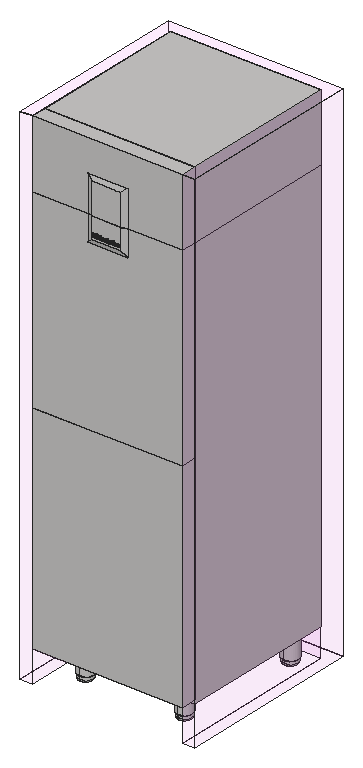
Revit family "QF_ELECTROLUXPROFESSIONAL_691354_PS04F2FHC", category Specialty Equipment, Revit 2018
Family settings
  Round Connector Dimension = Use Diameter
  Part Type = Normal
  Work Plane-Based = No
  Always vertical = Yes
  Cut with Voids When Loaded = No
  Shared = No
  Room Calculation Point = No
Parameters (values of type "Standard")
  Weight = 21.8091 lbm
  Watts = 0 W
  Volts = 220 V
  URL Manufacturer = "http://professional.electrolux.com"
  URL = "http://professional.electrolux.com"
  Steam Supply Size = 0"
  Steam Supply Minimum Pressure = 0.00 psi
  Steam Supply Maximum Pressure = 0.00 psi
  Steam Pounds per Hour = 0
  Show Clearance [instance] = yes
  Refrigeration Suction Line Size = 0"
  Refrigeration Liquid Line Size = 0"
  Refrigerant Compressor Remote = yes
  Phase = 1
  Model = "PS04F2FHC"
  Manufacturer = "Electrolux Professional"
  Length Actual = 600 mm  # constant formula
  Item Number = "691354"
  Hot Water Size = 0"
  Height Actual = 2040 mm  # constant formula
  HP = "0.5 HP"
  Gas Size = 0"
  Gas KW = 0
  Gas Input Pressure = 0.0 Btu/h
  Direct Waste Size = 0"
  Description = "2-DOOR FREEZER 470LT,-15/-22°, PROSTORE-R290"
  Depth Actual = 700 mm  # constant formula
  Cycle = 50 Hz
  Condensate Return Size = 0"
  Compressed Air Volume = 0 GPM
  Compressed Air Size = 0"
  Compressed Air Pressure = 0.00 psi
  Cold Water Size = 0"
  Accessory = yes
Types (2, lengths in mm): name | URL | Phase | Model | Manufacturer | Description
  (no name) | "http://professional.electrolux.com/" | 0 | "RBC201" | "Electrolux" | "BLAST CHILLER 56 KG 20 GN1/1"
  Standard | "http://professional.electrolux.com" | 1 | "PS04F2FHC" | "Electrolux Professional" | "2-DOOR FREEZER 470LT,-15/-22°, PROSTORE-R290"
Values of the unnamed type that differ from the named types
  Volts = 380 V
  URL Manufacturer = "http://professional.electrolux.com/"
  Item Number = "726624"
Reference planes
  plane 1 "BACK": y = 0
  plane 2: z = 0
  plane 3 "LEFT": x = 0
  plane 4 "RIGHT": x = 600
  plane 5 "FRONT": y = -700
  plane 6 "TOP": z = 2040
  plane 7 "Center Y": x = 300
  plane 8 "Center X": y = -350
  plane 9: x = 102
  plane 10: x = 498
  plane 11: z = 115
  plane 12: z = 86
  plane 13: y = -76
  plane 14: y = -694
  plane 15: y = -1227
  plane 16: y = -630
  plane 17: z = 1770
  plane 18: x = -50
  plane 19: y = 50
  plane 20: x = 650
Forms (mm)
  Extrusion 1, solid, material "QF_Metal - Stainless - Polished"
    sketch origin (0, 0, 0) x (1, 0, 0) y (0, 0, 1)
      loop
        line (0, 2040) -> (0, 1770) -> (600, 1770) -> (600, 2040) -> (0, 2040)
    from 0 to 630
  Extrusion 2, solid, material "QF_Metal - Stainless - Polished"
    sketch origin (0, 0, 0) x (1, 0, 0) y (0, 0, 1)
      loop
        line (0, 1770) -> (0, 115) -> (600, 115) -> (600, 1770) -> (0, 1770)
    from 0 to 630
  Extrusion 3, solid, material "QF_Metal - Stainless - Polished"
    sketch origin (-370, 0, -128) x (1, 0, 0) y (0, 0, 1)
      loop
        circle (450, 1847.083) r 20
    from -7.507 to 0
  Extrusion 4, solid, material "QF_Door-Drawer Clearances", visible <- "Show Clearance", detail levels coarse
    sketch origin (0, 0, 0) x (1, 0, 0) y (0, 1, 0)
      loop
        line (600, -694) -> (0, -694)
        arc (0, -694) -> (187.42, -1087.232) -> (600, -1227) r 559.707
        line (600, -1227) -> (600, -694)
    from 127.536 to 995.399
  Extrusion 5, solid, material "QF_Metal - Stainless - Polished"
    sketch origin (0, 130.478, 0) x (1, 0, 0) y (0, 0, 1)
      loop
        line (0, 2040) -> (0, 1770) -> (600, 1770) -> (600, 2040) -> (0, 2040)
    from 760.478 to 824.478
  Extrusion 6, solid, material "QF_Metal - Stainless - Polished"
    sketch origin (0, 140, 0) x (1, 0, 0) y (0, 0, 1)
      loop
        line (0, 1770) -> (0, 995.399) -> (600, 995.399) -> (600, 1770) -> (0, 1770)
    from 834 to 770
  Revolve 7, solid, material "QF_Metal - Stainless - Polished"
    sketch origin (497.59, -1.833, 0) x (0, 1, 0) y (0, 0, -1)
      loop
        line (-590.954, -115) -> (-553.167, -115) -> (-553.167, 0) -> (-578.757, 0)
        arc (-578.757, 0) -> (-580.973, -2.655) -> (-581.767, -6.021) r 7.527
        line (-581.767, -6.021) -> (-581.767, -17.561) -> (-585.28, -21.074) -> (-585.28, -110.008) -> (-590.954, -110.008) -> (-590.954, -115)
      axis (-553.167, 0) -> (-553.167, -115)
    angle from 0 to 360
  Revolve 8, solid, material "QF_Metal - Stainless - Polished"
    sketch origin (102, -1.833, 0) x (0, 1, 0) y (0, 0, 1)
      loop
        line (-590.954, 115) -> (-590.954, 110.008) -> (-585.28, 110.008) -> (-585.28, 21.074) -> (-581.767, 17.561) -> (-581.767, 6.021)
        arc (-581.767, 6.021) -> (-580.973, 2.655) -> (-578.757, 0) r 7.527
        line (-578.757, 0) -> (-553.167, 0) -> (-553.167, 115) -> (-590.954, 115)
      axis (-553.167, 0) -> (-553.167, 115)
    angle from 0 to 360
  Revolve 9, solid, material "QF_Metal - Stainless - Polished"
    sketch origin (538, -759.167, 0) x (0, -1, 0) y (0, 0, 1)
      loop
        line (-720.954, 115) -> (-720.954, 110.008) -> (-715.28, 110.008) -> (-715.28, 21.074) -> (-711.767, 17.561) -> (-711.767, 6.021)
        arc (-711.767, 6.021) -> (-710.973, 2.655) -> (-708.757, 0) r 7.527
        line (-708.757, 0) -> (-683.167, 0) -> (-683.167, 115) -> (-720.954, 115)
      axis (-683.167, 0) -> (-683.167, 115)
    angle from 0 to 360
  Revolve 10, solid, material "QF_Metal - Stainless - Polished"
    sketch origin (62, -759.167, 0) x (0, -1, 0) y (0, 0, 1)
      loop
        line (-720.954, 115) -> (-720.954, 110.008) -> (-715.28, 110.008) -> (-715.28, 21.074) -> (-711.767, 17.561) -> (-711.767, 6.021)
        arc (-711.767, 6.021) -> (-710.973, 2.655) -> (-708.757, 0) r 7.527
        line (-708.757, 0) -> (-683.167, 0) -> (-683.167, 115) -> (-720.954, 115)
      axis (-683.167, 0) -> (-683.167, 115)
    angle from 0 to 360
  Blend 11, solid, material "QF_Metal - Stainless - Polished"
    base sketch origin (-150, -694, 0) x (1, 0, 0) y (0, 0, 1)
      loop
        line (370, 1914.822) -> (370, 1664.822) -> (530, 1664.822) -> (530, 1914.822) -> (370, 1914.822)
    top sketch origin (-150, -694, 0) x (1, 0, 0) y (0, 0, 1)
      loop
        line (510, 1894.822) -> (390, 1894.822) -> (390, 1684.822) -> (510, 1684.822) -> (510, 1894.822)
    from 0 to 6
  Extrusion 12, void
    sketch origin (-150, -700, 0) x (-1, 0, 0) y (0, 0, 1)
      loop
        line (-370, 1770.997) -> (-530, 1770.997) -> (-530, 1769.003) -> (-370, 1769.003) -> (-370, 1770.997)
    from 0 to 6
  Extrusion 13, solid, material "QF_Door-Drawer Clearances"
    sketch origin (0, 0, 0) x (1, 0, 0) y (0, 1, 0)
      loop
        line (0, -694) -> (0, 0) -> (600, 0) -> (600, -694) -> (650, -694) -> (650, 50) -> (-50, 50) -> (-50, -694) -> (0, -694)
    from 0 to 2040
  Extrusion 14, solid, material "QF_Door-Drawer Clearances", visible <- "Show Clearance", detail levels coarse
    sketch origin (0, 0, 0) x (1, 0, 0) y (0, 1, 0)
      loop
        line (600, -694) -> (0, -694)
        arc (0, -694) -> (187.42, -1087.232) -> (600, -1227) r 559.707
        line (600, -1227) -> (600, -694)
    from 995.399 to 1770
  Extrusion 15, solid, material "QF_Metal - Stainless - Polished"
    sketch origin (0, 140, 0) x (1, 0, 0) y (0, 0, 1)
      loop
        line (0, 995.399) -> (0, 127.536) -> (600, 127.536) -> (600, 995.399) -> (0, 995.399)
    from 834 to 770
Cuts and joins
  Extrusion 12 cuts Extrusion 1
  Extrusion 12 cuts Extrusion 2
  Extrusion 12 cuts Extrusion 5
  Extrusion 12 cuts Extrusion 6
  Extrusion 12 cuts Blend 11
Lines and regions (mm)
  Split face 1
    outline origin (-150, -700, 0) x (1, 0, 0) y (0, 0, 1)
      loop
        line (415, 1894.822) -> (415, 1742.499) -> (485, 1742.499) -> (485, 1894.822)
  symbolic lines
    curve 1: line (0, 0, 0) -> (600, 0, 0)
    curve 2: line (0, -694, 0) -> (0, 0, 0)
    curve 3: line (600, -694, 0) -> (0, -694, 0)
    curve 4: line (600, 0, 0) -> (600, -694, 0)
    curve 5: line (0, -630, 0) -> (600, -630, 0)
    curve 6: line (220, -694, 0) -> (240, -700, 0)
    curve 7: line (240, -700, 0) -> (360, -700, 0)
    curve 8: line (360, -700, 0) -> (380, -694, 0)
  symbolic lines, style "QF_Door-Drawer Clearances"
    curve 9: arc (0, -694, 0) -> (187.42, -1087.232, 0) -> (600, -1227, 0) r 559.707
    curve 10: line (600, -1227, 0) -> (600, -694, 0)
    curve 11: line (0, -694, 0) -> (-50, -694, 0)
    curve 12: line (-50, -694, 0) -> (-50, 50, 0)
    curve 13: line (-50, 50, 0) -> (650, 50, 0)
    curve 14: line (650, 50, 0) -> (650, -694, 0)
    curve 15: line (650, -694, 0) -> (600, -694, 0)
Dimensions and locks
  equal spacing: plane 3 "LEFT", plane 7 "Center Y", plane 4 "RIGHT"
  plane 3 "LEFT" to plane 4 "RIGHT" = 600 mm
  equal spacing: plane 5 "FRONT", plane 8 "Center X", plane 1 "BACK"
  plane 5 "FRONT" to plane 1 "BACK" = 700 mm
  plane 6 "TOP" to level = 2040 mm
  plane 9 to plane 3 "LEFT" = 102 mm
  plane 10 to plane 4 "RIGHT" = 102 mm
  plane 11 to level = 115 mm
  plane 12 to plane 11 = 29 mm
  plane 1 "BACK" to plane 13 = 76 mm
  plane 15 to plane 1 "BACK" = 1227 mm
  plane 3 "LEFT" to Extrusion 4 = 600 mm
  plane 11 to plane 2 = 115 mm
  plane 1 "BACK" to plane 16 = 630 mm
  plane 18 to plane 3 "LEFT" = 50 mm
  plane 4 "RIGHT" to plane 20 = 50 mm
  plane 1 "BACK" to plane 19 = 50 mm
  aligned and locked: level to plane 2
  aligned and locked: Extrusion 5 to plane 4 "RIGHT"
  aligned and locked: Extrusion 5 to plane 3 "LEFT"
  aligned and locked: plane 5 "FRONT" to Blend 11
  aligned and locked: Extrusion 15 to Extrusion 4
  aligned and locked: Extrusion 14 to Extrusion 6
Automatic sketch dimensions
  Extrusion 1 sketch curve to plane 3 "LEFT" = 0 mm
  plane 4 "RIGHT" to Extrusion 1 sketch curve = 0 mm
  Extrusion 1 sketch curve to plane 17 = 0 mm
  Extrusion 1 sketch curve to plane 6 "TOP" = 0 mm
  Extrusion 2 sketch curve to plane 3 "LEFT" = 0 mm
  plane 4 "RIGHT" to Extrusion 2 sketch curve = 0 mm
  Extrusion 2 sketch curve to plane 11 = 0 mm
  Extrusion 2 sketch curve to plane 17 = 0 mm
  Extrusion 3 sketch curve to plane 9 = 22 mm
  Extrusion 3 sketch curve to plane 17 = 50.917 mm
  Extrusion 4 sketch curve to plane 3 "LEFT" = 0 mm
  Extrusion 4 sketch curve to plane 4 "RIGHT" = 0 mm
  Extrusion 4 sketch curve to plane 15 = 0 mm
  plane 14 to Extrusion 4 sketch curve = 0 mm
  Extrusion 4 sketch curve to plane 14 = 25.214 mm
  Extrusion 5 sketch curve to plane 3 "LEFT" = 0 mm
  plane 4 "RIGHT" to Extrusion 5 sketch curve = 0 mm
  Extrusion 5 sketch curve to plane 17 = 0 mm
  Extrusion 5 sketch curve to plane 6 "TOP" = 0 mm
  Extrusion 6 sketch curve to plane 3 "LEFT" = 0 mm
  plane 4 "RIGHT" to Extrusion 6 sketch curve = 0 mm
  Extrusion 6 sketch curve to plane 17 = 0 mm
  plane 11 to Extrusion 6 sketch curve = 880.399 mm
  plane 11 to Revolve 7 sketch curve = 0 mm
  Revolve 7 sketch curve to level = 0 mm
  plane 16 to Revolve 7 sketch curve = 37.213 mm
  Revolve 7 sketch curve to Revolve 7 sketch curve = 5.674 mm
  Revolve 7 sketch curve to Revolve 7 sketch curve = 3.513 mm  (x2)
  Revolve 7 sketch curve to Revolve 7 sketch curve = 3.01 mm
  level to Revolve 7 sketch curve = 6.021 mm
  Revolve 7 sketch curve to Revolve 7 sketch curve = 21.073 mm
  Revolve 7 sketch curve to plane 11 = 4.992 mm  (x2)
  Revolve 7 sketch curve to Revolve 7 sketch curve = 15.053 mm
  Revolve 7 sketch curve to Revolve 7 sketch curve = 0 mm
  Revolve 7 sketch curve to Revolve 7 sketch curve = 20.008 mm
  Revolve 8 sketch curve to plane 11 = 0 mm
  Revolve 8 sketch curve to level = 0 mm
  plane 16 to Revolve 8 sketch curve = 37.213 mm
  Revolve 8 sketch curve to Revolve 8 sketch curve = 5.674 mm
  Revolve 8 sketch curve to Revolve 8 sketch curve = 3.513 mm  (x2)
  Revolve 8 sketch curve to Revolve 8 sketch curve = 3.01 mm
  level to Revolve 8 sketch curve = 6.021 mm
  Revolve 8 sketch curve to Revolve 8 sketch curve = 21.073 mm
  Revolve 8 sketch curve to Revolve 8 sketch curve = 11.54 mm
  Revolve 8 sketch curve to plane 11 = 4.992 mm
  Revolve 8 sketch curve to Revolve 8 sketch curve = 0 mm
  Revolve 8 sketch curve to Revolve 8 sketch curve = 4.992 mm
  plane 11 to Revolve 8 sketch curve = 20.008 mm
  Revolve 9 sketch curve to plane 11 = 0 mm
  Revolve 9 sketch curve to level = 0 mm
  Revolve 9 sketch curve to plane 13 = 0 mm  (x2)
  level to Revolve 9 sketch curve = 6.021 mm
  Revolve 9 sketch curve to plane 13 = 21.073 mm
  Revolve 9 sketch curve to Revolve 9 sketch curve = 4.517 mm
  Revolve 9 sketch curve to Revolve 9 sketch curve = 3.513 mm  (x2)
  Revolve 9 sketch curve to Revolve 9 sketch curve = 5.674 mm
  Revolve 9 sketch curve to Revolve 9 sketch curve = 11.54 mm
  Revolve 9 sketch curve to plane 11 = 4.992 mm
  Revolve 9 sketch curve to Revolve 9 sketch curve = 4.992 mm
  plane 11 to Revolve 9 sketch curve = 20.008 mm
  Revolve 10 sketch curve to plane 11 = 0 mm
  Revolve 10 sketch curve to level = 0 mm
  Revolve 10 sketch curve to plane 13 = 0 mm  (x2)
  Revolve 10 sketch curve to level = 6.021 mm
  plane 13 to Revolve 10 sketch curve = 21.073 mm
  Revolve 10 sketch curve to Revolve 10 sketch curve = 4.517 mm
  Revolve 10 sketch curve to Revolve 10 sketch curve = 3.513 mm  (x2)
  Revolve 10 sketch curve to Revolve 10 sketch curve = 5.674 mm
  Revolve 10 sketch curve to Revolve 10 sketch curve = 11.54 mm
  plane 11 to Revolve 10 sketch curve = 4.992 mm  (x2)
  Revolve 10 sketch curve to Revolve 10 sketch curve = 20.008 mm
  Blend 11 sketch curve to Extrusion 6 = 105.178 mm
  Blend 11 sketch curve to Extrusion 6 = 220 mm
  Blend 11 sketch curve to Blend 11 sketch curve = 160 mm
  Extrusion 6 to Blend 11 sketch curve = 144.822 mm
  Extrusion 6 to Blend 11 sketch curve = 124.822 mm
  Blend 11 sketch curve to Extrusion 6 = 240 mm
  Blend 11 sketch curve to Blend 11 sketch curve = 120 mm
  Blend 11 sketch curve to Extrusion 6 = 85.178 mm
  Split face 1 sketch curve to Blend 11 = 0 mm  (x2)
  Split face 1 sketch curve to Blend 11 = 25 mm  (x2)
  Split face 1 sketch curve to Blend 11 = 57.677 mm
  Extrusion 12 sketch curve to Blend 11 = 20 mm  (x2)
  Blend 11 to Extrusion 12 sketch curve = 84.181 mm
  Extrusion 12 sketch curve to Extrusion 12 sketch curve = 1.995 mm
  Extrusion 13 sketch curve to plane 18 = 0 mm
  plane 1 "BACK" to Extrusion 13 sketch curve = 0 mm
  Extrusion 13 sketch curve to plane 3 "LEFT" = 0 mm
  Extrusion 13 sketch curve to plane 4 "RIGHT" = 0 mm
  Extrusion 13 sketch curve to plane 19 = 0 mm
  Extrusion 13 sketch curve to plane 20 = 0 mm
  plane 14 to Extrusion 13 sketch curve = 0 mm  (x2)
  curve 13 to plane 18 = 0 mm
  curve 3 to plane 3 "LEFT" = 0 mm
  plane 5 "FRONT" to curve 7 = 0 mm
  curve 9 to plane 4 "RIGHT" = 0 mm
  curve 15 to plane 4 "RIGHT" = 0 mm
  plane 14 to curve 14 = 0 mm
  curve 14 to plane 20 = 0 mm
  curve 10 to plane 15 = 0 mm
  curve 5 to plane 16 = 0 mm
  plane 1 "BACK" to curve 4 = 0 mm
  curve 13 to plane 19 = 0 mm
  curve 7 to plane 7 "Center Y" = 60 mm
  plane 7 "Center Y" to curve 8 = 60 mm
  curve 9 to plane 14 = 25.214 mm
  curve 6 to curve 6 = 20 mm
  curve 7 to curve 8 = 20 mm
  Extrusion 14 sketch curve to plane 3 "LEFT" = 0 mm
  Extrusion 14 sketch curve to plane 4 "RIGHT" = 0 mm
  Extrusion 14 sketch curve to plane 15 = 0 mm
  plane 14 to Extrusion 14 sketch curve = 0 mm
  Extrusion 14 sketch curve to plane 14 = 25.214 mm
  Extrusion 15 sketch curve to plane 3 "LEFT" = 0 mm
  plane 4 "RIGHT" to Extrusion 15 sketch curve = 0 mm
  Extrusion 15 sketch curve to plane 17 = 774.601 mm
  plane 11 to Extrusion 15 sketch curve = 12.536 mm
  radius of Extrusion 3 sketch curve = 20 mm
Nested families
  nested 1: "ELX_Logo_S" at (300.625, -700, 1704.375) x (1, 0, 0) z (0, -1, 0), type "ELX_Logo_S"
Connectors
  electrical at (80, 7.507, 1719.083), driven by "Volts"
    settings: on Extrusion 3, index 2, voltage 220 V, apparent load 0 VA, apparent load phase1 0 VA, apparent load phase2 0 VA, apparent load phase3 0 VA, power factor 1, load classification "Other", number of poles 1, system type 30, power factor state 1, is connector primary yes, connector utility no, sub classification motor no, connector description "Electrical Connection"
Definition of nested family "ELX_Logo_S"
  Parameters (values of type "ELX_Logo_S")
    Default Elevation = 0 mm
  Reference planes
    plane 1 "Centro (Fronte/Retro)": y = 0
    plane 2: z = 0
    plane 3 "Centro (Sinistra/Destra)": x = 0
  Forms (mm)
    Extrusion 1, solid
      sketch origin (0, 0, 0) x (1, 0, 0) y (0, 1, 0)
        loop
          line (-1219.2, 1219.2) -> (-1219.2, -1219.2) -> (1219.2, -1219.2) -> (1219.2, 1219.2) -> (-1219.2, 1219.2)
      from 0 to -304.8
    Extrusion 2, solid
      sketch origin (0, 0, 0) x (1, 0, 0) y (0, 1, 0)
        loop
          line (-43.793, 5.912) -> (-43.793, -6.455)
          arc (-43.793, -6.455) -> (-39.222, -0.272) -> (-43.793, 5.912) r 6.467
        loop
          arc (-44.422, 5.912) -> (-49.565, 4.743) -> (-52.043, 0.087) r 6.338
          line (-52.043, 0.087) -> (-49.997, 0.087)
          arc (-49.997, 0.087) -> (-46.342, 1.57) -> (-44.422, 5.016) r 5.941
          line (-44.422, 5.016) -> (-44.422, 5.912)
        loop
          arc (-44.422, -5.559) -> (-46.342, -2.114) -> (-49.997, -0.63) r 5.941
          line (-49.997, -0.63) -> (-52.043, -0.63)
          arc (-52.043, -0.63) -> (-49.569, -5.324) -> (-44.422, -6.614) r 6.504
          line (-44.422, -6.614) -> (-44.422, -5.559)
        loop
          line (-52.512, 6.586) -> (-52.512, -7.158) -> (-38.749, -7.158) -> (-38.749, 6.586) -> (-52.512, 6.586)
        loop
          arc (-35.782, 6.67) -> (-36.139, 6.322) -> (-35.801, 5.955) r 0.358
          arc (-35.801, 5.955) -> (-35.051, 5.641) -> (-34.666, 4.924) r 1.216
          line (-34.666, 4.924) -> (-34.666, -5.488)
          arc (-34.666, -5.488) -> (-34.944, -6.148) -> (-35.54, -6.544) r 1.238
          arc (-35.54, -6.544) -> (-35.791, -6.939) -> (-35.437, -7.244) r 0.358
          line (-35.437, -7.244) -> (-25.558, -7.244) -> (-25.558, -4.494) -> (-26.455, -4.494)
          arc (-26.455, -4.494) -> (-27.035, -5.403) -> (-28.012, -5.858) r 1.928
          line (-28.012, -5.858) -> (-30.511, -5.858)
          arc (-30.511, -5.858) -> (-31.24, -5.583) -> (-31.604, -4.894) r 1.101
          line (-31.604, -4.894) -> (-31.604, -0.808) -> (-27.931, -0.808)
          arc (-27.931, -0.808) -> (-27.434, -1.16) -> (-27.206, -1.725) r 1.083
          arc (-27.206, -1.725) -> (-26.9, -1.989) -> (-26.622, -1.697) r 0.292
          line (-26.622, -1.697) -> (-26.622, 1.265)
          arc (-26.622, 1.265) -> (-26.895, 1.568) -> (-27.225, 1.329) r 0.305
          arc (-27.225, 1.329) -> (-27.473, 0.839) -> (-27.931, 0.534) r 1.083
          line (-27.931, 0.534) -> (-31.604, 0.534) -> (-31.604, 5.211) -> (-27.857, 5.211)
          arc (-27.857, 5.211) -> (-27.101, 4.997) -> (-26.603, 4.39) r 1.314
          arc (-26.603, 4.39) -> (-26.199, 4.171) -> (-25.907, 4.526) r 0.361
          line (-25.907, 4.526) -> (-25.907, 6.67) -> (-35.782, 6.67)
        loop
          arc (-25.126, 5.953) -> (-24.207, 5.572) -> (-23.827, 4.654) r 1.299
          line (-23.827, 4.654) -> (-23.827, -4.925)
          arc (-23.827, -4.925) -> (-24.205, -5.763) -> (-25.083, -6.035) r 1.118
          line (-25.083, -6.035) -> (-25.083, -7.244) -> (-19.733, -7.244) -> (-19.733, -6.056)
          arc (-19.733, -6.056) -> (-20.65, -5.784) -> (-21.046, -4.914) r 1.153
          line (-21.046, -4.914) -> (-21.046, 7.158) -> (-25.126, 5.953)
        loop
          line (-17.097, -2.28) -> (-10.65, -2.28) -> (-10.65, -1.481)
          arc (-10.65, -1.481) -> (-11.634, 1.1) -> (-14.088, 2.369) r 3.874
          line (-14.088, 2.369) -> (-15.848, 2.369)
          arc (-15.848, 2.369) -> (-18.713, 1.182) -> (-19.899, -1.682) r 4.051
          line (-19.899, -1.682) -> (-19.899, -3.691)
          arc (-19.899, -3.691) -> (-18.414, -6.509) -> (-15.407, -7.561) r 4.352
          arc (-15.407, -7.561) -> (-12.944, -7.196) -> (-10.87, -5.819) r 5.713
          line (-10.87, -5.819) -> (-10.87, -4.87)
          arc (-10.87, -4.87) -> (-12.439, -5.603) -> (-14.157, -5.819) r 5.579
          arc (-14.157, -5.819) -> (-16.12, -5.025) -> (-17.097, -3.146) r 3.057
          line (-17.097, -3.146) -> (-17.097, -2.28)
        loop
          line (-17.097, -1.02) -> (-13.515, -1.02)
          arc (-13.515, -1.02) -> (-13.468, 0.436) -> (-14.627, 1.319) r 1.59
          line (-14.627, 1.319) -> (-15.457, 1.319)
          arc (-15.457, 1.319) -> (-16.712, 0.455) -> (-17.097, -1.02) r 2.184
        loop
          arc (-1.232, 1.771) -> (-2.906, 2.259) -> (-4.643, 2.417) r 9.023
          line (-4.643, 2.417) -> (-6.005, 2.417)
          arc (-6.005, 2.417) -> (-8.805, 1.257) -> (-9.965, -1.542) r 3.959
          line (-9.965, -1.542) -> (-9.965, -4.142)
          arc (-9.965, -4.142) -> (-8.672, -6.424) -> (-6.299, -7.541) r 4.331
          line (-6.299, -7.541) -> (-4.164, -7.541)
          arc (-4.164, -7.541) -> (-2.614, -7.033) -> (-1.268, -6.112) r 5.772
          arc (-1.268, -6.112) -> (-1.217, -5.35) -> (-1.976, -5.263) r 0.553
          arc (-1.976, -5.263) -> (-2.71, -5.651) -> (-3.529, -5.785) r 2.573
          line (-3.529, -5.785) -> (-5.044, -5.785)
          arc (-5.044, -5.785) -> (-6.686, -4.779) -> (-7.328, -2.965) r 2.884
          line (-7.328, -2.965) -> (-7.328, -1.686)
          arc (-7.328, -1.686) -> (-6.768, 0.135) -> (-5.103, 1.062) r 2.554
          line (-5.103, 1.062) -> (-4.05, 1.062)
          arc (-4.05, 1.062) -> (-3.122, 0.73) -> (-2.387, 0.073) r 2.564
          arc (-2.387, 0.073) -> (-1.67, -0.148) -> (-1.232, 0.461) r 0.643
          line (-1.232, 0.461) -> (-1.232, 1.771)
        loop
          line (-0.962, 0.752) -> (0.539, 0.752) -> (0.539, -5.296)
          arc (0.539, -5.296) -> (1.197, -6.884) -> (2.785, -7.541) r 2.246
          line (2.785, -7.541) -> (4.369, -7.541)
          arc (4.369, -7.541) -> (5.233, -7.228) -> (6.005, -6.727) r 4.06
          arc (6.005, -6.727) -> (6.138, -5.995) -> (5.437, -5.743) r 0.576
          arc (5.437, -5.743) -> (4.911, -5.849) -> (4.379, -5.785) r 1.69
          arc (4.379, -5.785) -> (3.591, -5.244) -> (3.288, -4.337) r 1.506
          line (3.288, -4.337) -> (3.288, 0.801) -> (5.685, 0.801) -> (6.241, 1.357) -> (6.241, 2.179) -> (3.382, 2.179) -> (3.382, 5.41) -> (-0.962, 0.752)
        loop
          line (7.139, -7.324) -> (12.526, -7.324) -> (12.526, -6.214)
          arc (12.526, -6.214) -> (11.575, -5.82) -> (11.181, -4.869) r 1.345
          line (11.181, -4.869) -> (11.181, -1.253)
          arc (11.181, -1.253) -> (11.773, -0.488) -> (12.695, -0.199) r 1.615
          line (12.695, -0.199) -> (14.251, -0.199) -> (14.936, 2.357) -> (13.553, 2.357) -> (10.994, 0.414) -> (10.994, 2.295) -> (8.288, 2.01)
          arc (8.288, 2.01) -> (7.758, 1.571) -> (7.959, 0.912) r 0.621
          arc (7.959, 0.912) -> (8.301, 0.512) -> (8.484, 0.018) r 1.501
          line (8.484, 0.018) -> (8.484, -4.869)
          arc (8.484, -4.869) -> (8.09, -5.82) -> (7.139, -6.214) r 1.345
          line (7.139, -6.214) -> (7.139, -7.324)
        loop
          line (14.473, -1.222) -> (14.473, -3.914)
          arc (14.473, -3.914) -> (15.781, -6.36) -> (18.311, -7.494) r 4.288
          arc (18.311, -7.494) -> (19.692, -7.557) -> (21.072, -7.494) r 15.022
          arc (21.072, -7.494) -> (23.603, -6.36) -> (24.91, -3.914) r 4.288
          line (24.91, -3.914) -> (24.91, -1.222)
          arc (24.91, -1.222) -> (23.603, 1.223) -> (21.072, 2.357) r 4.288
          arc (21.072, 2.357) -> (19.692, 2.421) -> (18.311, 2.357) r 15.022
          arc (18.311, 2.357) -> (15.781, 1.223) -> (14.473, -1.222) r 4.288
        loop
          line (17.587, -1.017) -> (17.587, -4.119)
          arc (17.587, -4.119) -> (19.744, -6.276) -> (21.901, -4.119) r 2.157
          line (21.901, -4.119) -> (21.901, -1.017)
          arc (21.901, -1.017) -> (19.744, 1.14) -> (17.587, -1.017) r 2.157
        loop
          arc (24.768, 5.964) -> (25.662, 5.593) -> (26.033, 4.699) r 1.264
          line (26.033, 4.699) -> (26.033, -5.165)
          arc (26.033, -5.165) -> (25.636, -6.035) -> (24.72, -6.307) r 1.153
          line (24.72, -6.307) -> (24.72, -7.244) -> (29.828, -7.244) -> (29.828, -6.316)
          arc (29.828, -6.316) -> (29.056, -5.957) -> (28.741, -5.165) r 1.153
          line (28.741, -5.165) -> (28.741, 7.158) -> (24.768, 5.964)
        loop
          arc (29.365, 1.084) -> (30.43, 0.885) -> (30.912, -0.085) r 1.215
          line (30.912, -0.085) -> (30.912, -5.105)
          arc (30.912, -5.105) -> (31.559, -6.719) -> (33.142, -7.44) r 2.338
          line (33.142, -7.44) -> (34.657, -7.44)
          arc (34.657, -7.44) -> (35.661, -7.266) -> (36.547, -6.763) r 2.979
          line (36.547, -6.763) -> (38.344, -7.244) -> (40.032, -7.244) -> (40.032, 2.181) -> (35.829, 1.887) -> (35.829, 1.101)
          arc (35.829, 1.101) -> (36.665, 0.745) -> (37.174, -0.007) r 1.605
          line (37.174, -0.007) -> (37.174, -5.11)
          arc (37.174, -5.11) -> (36.237, -5.531) -> (35.213, -5.603) r 2.94
          arc (35.213, -5.603) -> (34.112, -5.042) -> (33.669, -3.889) r 1.724
          line (33.669, -3.889) -> (33.669, 2.307) -> (29.365, 1.084)
        loop
          line (40.886, 2.112) -> (42.932, 0.44) -> (45.238, -2.734) -> (42.126, -6.191)
          arc (42.126, -6.191) -> (41.732, -6.428) -> (41.273, -6.405) r 0.789
          line (41.273, -6.405) -> (41.273, -7.244) -> (44.818, -7.244) -> (44.818, -6.418)
          arc (44.818, -6.418) -> (44.456, -6.076) -> (44.548, -5.586) r 0.52
          line (44.548, -5.586) -> (46.019, -3.786) -> (47.394, -5.904)
          arc (47.394, -5.904) -> (47.084, -6.305) -> (46.585, -6.392) r 0.7
          line (46.585, -6.392) -> (46.585, -7.244) -> (52.512, -7.244) -> (52.512, -6.358)
          arc (52.512, -6.358) -> (51.853, -6.291) -> (51.322, -5.896) r 1.247
          line (51.322, -5.896) -> (48.041, -1.696) -> (50.094, 0.751) -> (51.836, 2.112) -> (48.112, 2.112) -> (48.535, 0.627) -> (47.258, -0.895) -> (46.068, 0.806) -> (46.844, 2.112) -> (40.886, 2.112)
      from 0 to 1.644
  Dimensions and locks
    aligned and locked: plane 2 to Extrusion 1
    aligned and locked: level to Extrusion 1
